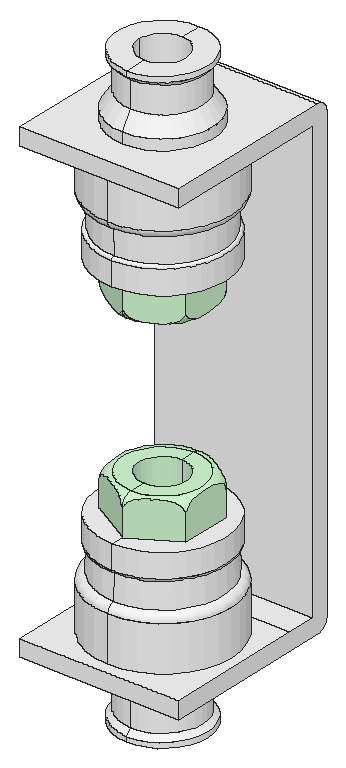
Revit family "圧縮型防振ハンガー(YC-30W)", category 機械設備, Revit 2020
Family settings
  丸型コネクタ寸法 = 直径を使用
  種別 = なし
  パーツ タイプ = 標準
  作業面ベース = いいえ
  常に垂直 = はい
  ロード時にボイドで切り取り = いいえ
  共有 = いいえ
  部屋計算ポイント = いいえ
Parameters
  製造元 = "株式会社桐井製作所"
  既定の高さ = 0 mm
  URL = "https://www.kirii.co.jp/"
  K_静的バネ係数N/mm = 100
  K_品名 = "圧縮型防振ハンガー(YCシールハンガー)YC-30W"
  K_名称 = "防振ハンガー"
  K_使用荷重(N) = "98～294"
  K_バージョン情報 = "20211012"
Reference planes
  plane 1 "中心(正面/背面)": y = 0
  plane 2: z = 0
  plane 3 "中心(左/右)": x = 0
  plane 4: x = 15
  plane 5: x = -15
Forms (mm)
  Extrusion 1, void
    sketch origin (0, -6, -15) x (1, 0, 0) y (0, 1, 0)
      loop
        circle (0, 5.99) r 8.25
    from 11.8 to 15
  Extrusion 2, solid
    sketch origin (0, 0, 0) x (0, 1, 0) y (0, 0, 1)
      loop
        line (16.8, -3.2) -> (16.8, -86.8) -> (11.4, -86.8) -> (-15, -86.8) -> (-15, -90) -> (18, -90)
        arc (18, -90) -> (19.414, -89.414) -> (20, -88) r 2
        line (20, -88) -> (20, -2)
        arc (20, -2) -> (19.414, -0.586) -> (18, 0) r 2
        line (18, 0) -> (-15, 0) -> (-15, -3.2) -> (11.4, -3.2) -> (16.8, -3.2)
    from -15 to 15
  Revolve 3, solid
    sketch origin (0, 0, -30) x (0, 1, 0) y (0, 0, 1)
      loop
        line (0, -36.8) -> (0, -56.8) -> (13, -56.8) -> (13, -48.3)
        arc (13, -48.3) -> (12.561, -47.239) -> (11.5, -46.8) r 1.5
        line (11.5, -46.8) -> (11.4, -41.79)
        arc (11.4, -41.79) -> (11.816, -41.687) -> (12, -41.3) r 0.5
        line (12, -41.3) -> (12, -36.8) -> (0, -36.8)
      axis (0, -56.8) -> (0, -36.8)
    angle from 0 to 360
  Revolve 4, solid
    sketch origin (0, 0, -30) x (0, 1, 0) y (0, 0, 1)
      loop
        line (0, -60) -> (0, -72) -> (8.5, -72) -> (8.5, -71) -> (7.5, -70) -> (7.5, -65) -> (9.5, -62) -> (9.5, -60) -> (0, -60)
      axis (0, -72) -> (0, -60)
    angle from 0 to 360
  Revolve 5, solid
    sketch origin (0, 0, -60) x (0, 1, 0) y (0, 0, 1)
      loop
        line (0, 36.8) -> (12, 36.8) -> (12, 41.3)
        arc (12, 41.3) -> (11.816, 41.687) -> (11.4, 41.79) r 0.5
        line (11.4, 41.79) -> (11.5, 46.8)
        arc (11.5, 46.8) -> (12.561, 47.239) -> (13, 48.3) r 1.5
        line (13, 48.3) -> (13, 56.8) -> (0, 56.8) -> (0, 36.8)
      axis (0, 56.8) -> (0, 36.8)
    angle from 0 to 360
  Revolve 6, solid
    sketch origin (0, 0, -60) x (0, 1, 0) y (0, 0, 1)
      loop
        line (0, 60) -> (9.5, 60) -> (9.5, 62) -> (7.5, 65) -> (7.5, 70) -> (8.5, 71) -> (8.5, 72) -> (0, 72) -> (0, 60)
      axis (0, 72) -> (0, 60)
    angle from 0 to 360
  Extrusion 7, void
    sketch origin (0, -6, -101.8) x (1, 0, 0) y (0, 1, 0)
      loop
        circle (0, 5.99) r 8.25
    from 11.8 to 15
  Extrusion 8, void
    sketch origin (0, 0, 0) x (1, 0, 0) y (0, 1, 0)
      loop
        circle (0, 0) r 4.5
    from -23.2 to 12
  Extrusion 9, void
    sketch origin (0, 0, -78.8) x (1, 0, 0) y (0, 1, 0)
      loop
        circle (0, 0) r 4.5
    from -23.2 to 12
Cuts and joins
  Extrusion 1, Extrusion 7 cuts Extrusion 2
  Extrusion 7, Extrusion 9 cuts Revolve 5
  Extrusion 7, Extrusion 8, Extrusion 9 cuts Revolve 6
  Extrusion 9 cuts Revolve 3
  Extrusion 9 cuts Revolve 4
Dimensions and locks
  aligned and locked: level to plane 2
Nested families
  nested 1: "ナット_面付(圧縮型防振ハンガー)" at (0, 0, -66.8) x (0, 1, 0) z (0, 0, 1), type "ナット_面付(圧縮型防振ハンガー)"
  nested 2: "ナット_面付(圧縮型防振ハンガー)" at (0, 0, -23.2) x (0, 1, 0) z (0, 0, -1), type "ナット_面付(圧縮型防振ハンガー)"
Definition of nested family "ナット_面付(圧縮型防振ハンガー)"
  Parameters (values of type "ナット_面付(圧縮型防振ハンガー)")
    Default Elevation = 1219.2 mm
  Reference planes
    plane 1 "中心(正面/背面)": y = 0
    plane 2: z = 0
    plane 3 "中心(左/右)": x = 0
  Forms (mm)
    Extrusion 1, solid
      sketch origin (0, 0, 0) x (1, 0, 0) y (0, 1, 0)
        loop
          line (-1219.2, 1219.2) -> (-1219.2, -1219.2) -> (1219.2, -1219.2) -> (1219.2, 1219.2) -> (-1219.2, 1219.2)
      from 0 to -304.8
    Revolve 2, solid
      sketch origin (0, 0, 4) x (1, 0, 0) y (0, 0, 1)
        loop
          line (4.5, 3) -> (4.5, -4) -> (9.5, -4) -> (9.5, 0.96)
          arc (9.5, 0.96) -> (8.902, 2.402) -> (7.46, 3) r 2.04
          line (7.46, 3) -> (4.5, 3)
        axis (0, 3) -> (0, -4)
      angle from 0 to 360
    Extrusion 3, void
      sketch origin (0, 0, 4) x (0, -1, 0) y (1, 0, 0)
        loop
          line (8.227, 4.75) -> (8.227, -4.75) -> (10.229, -4.75) -> (10.229, 4.75) -> (8.227, 4.75)
      from -4 to 6
    Extrusion 4, void
      sketch origin (0, 0, 4) x (0.866025, -0.5, 0) y (0.5, 0.866025, 0)
        loop
          line (8.227, 4.75) -> (8.227, -4.75) -> (10.229, -4.75) -> (10.229, 4.75) -> (8.227, 4.75)
      from -4 to 6
    Extrusion 5, void
      sketch origin (0, 0, 4) x (-0.866025, -0.5, 0) y (0.5, -0.866025, 0)
        loop
          line (8.227, 4.75) -> (8.227, -4.75) -> (10.229, -4.75) -> (10.229, 4.75) -> (8.227, 4.75)
      from -4 to 6
    Extrusion 6, void
      sketch origin (0, 0, 4) x (0, -1, 0) y (1, 0, 0)
        loop
          line (-8.227, 4.75) -> (-10.229, 4.75) -> (-10.229, -4.75) -> (-8.227, -4.75) -> (-8.227, 4.75)
      from -4 to 6
    Extrusion 7, void
      sketch origin (0, 0, 4) x (-0.866025, -0.5, 0) y (0.5, -0.866025, 0)
        loop
          line (-8.227, 4.75) -> (-10.229, 4.75) -> (-10.229, -4.75) -> (-8.227, -4.75) -> (-8.227, 4.75)
      from -4 to 6
    Extrusion 8, void
      sketch origin (0, 0, 4) x (0.866025, -0.5, 0) y (0.5, 0.866025, 0)
        loop
          line (-8.227, 4.75) -> (-10.229, 4.75) -> (-10.229, -4.75) -> (-8.227, -4.75) -> (-8.227, 4.75)
      from -4 to 6
  Cuts and joins
    Extrusion 3, Extrusion 4, Extrusion 5, Extrusion 6, Extrusion 7, Extrusion 8 cuts Revolve 2
  Dimensions and locks
    aligned and locked: plane 2 to Extrusion 1
    aligned and locked: level to Extrusion 1
